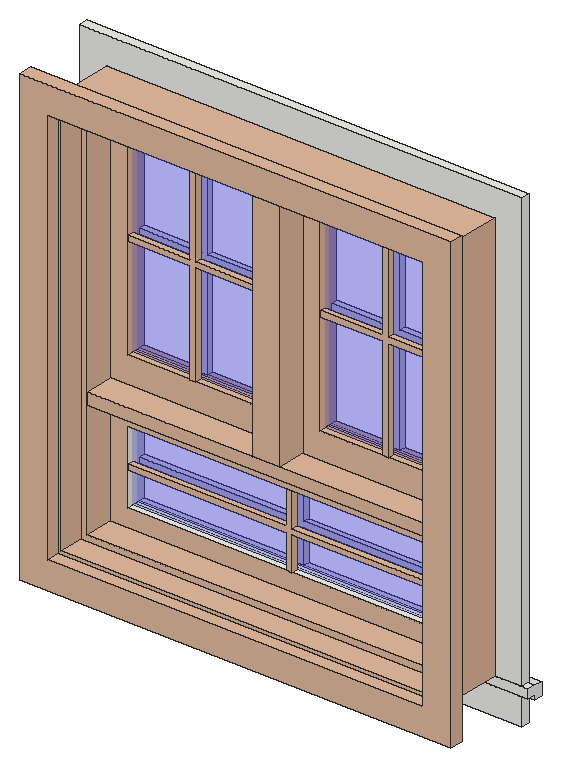
Revit family "M_Janela-batente-duplo-toldo", category Janelas, Revit 2019
Family settings
  Hospedeiro = Parede
  Número OmniClass = 23.30.20.17.21.14
  Título OmniClass = Casement Windows
  Sempre na vertical = Sim
  Corte com vazios quando carregada = Não
  Compartilhado = Não
  Ponto de cálculo do ambiente = Não
Parameters (values of type "850 x 900mm")
  Janela aplicada [instance] = 0 mm
  Espessura da parede [instance] = 150 mm
  Fechamento da parede interior [instance] = 54.75 mm
  Material da apara interior = Madeira – Manchada
  Meia largura = Largura / 2  # 425 mm
  Visual Light Transmittance = 0.81
  Resistência térmica (R) = 0.319569 (m²·K)/W
  Solar Heat Gain Coefficient = 0.76
  Largura bruta = Largura + 15 mm  # 865 mm
  Altura bruta = Altura + 15 mm  # 915 mm
  Altura da janela aberta = Altura - Altura do toldo  # 600 mm
  Visibilidade do montante superior = yes
  Padrão do montante = M_Padrão do montante_2x2 : M_Padrão do montante_2x2
  Visibilidade do recorte interior [instance] = yes
  Recorte interior = M_Moldura-janela-interior-plana : Quadro
  Altura = 900 mm
  Material da moldura interior = Madeira – Manchada
  Coeficiente de transferência de calor (U) = 3.12929 W/(m²·K)
  Extensão do quadro [instance] = if(Visibilidade da apara externa, Janela aplicada + 6.35 mm, 6.35 mm)  # 6.35 mm
  Classificação de incêndio = "0.5h"
  Fechamento da parede externa [instance] = 31.75 mm
  Material da apara externa = Revestimento – Branco
  Visibilidade do montante inferior = yes
  Altura do toldo = 300 mm
  Material do painel de vidro = Vidro
  Visibilidade da apara externa [instance] = yes
  Apara externa = M_Recorte-Janela-Exterior-Plana : com peitoril
  Material da moldura exterior = Revestimento – Branco
  Visibilidade do umbral da extensão [instance] = and(Visibilidade do recorte interior, Espessura da parede - Janela aplicada > 95.25 mm)  # yes
  Umbral da extensão [instance] = if(Espessura da parede - Janela aplicada > 95.25 mm, Espessura da parede - Janela aplicada - 95.25 mm, 25.4 mm)  # 54.75 mm
  Altura-padrão do peitoril = 900 mm
  Fechamento da parede = Por hospedeiro
  Largura = 850 mm
  Código de montagem = "B2020100"
  Construção analítica = "Vidraça dupla – residencial"
Reference planes
  plane 1 "Centro (Frente/Trás)": y = 0
  plane 2: z = 0
  plane 3 "Centro (Esquerda/Direita)": x = 0
  plane 4 "Esquerda": x = -425
  plane 5 "Direita": x = 425
  plane 6 "Peitoril": z = 900
  plane 7 "Superior": z = 1800
  plane 8 "Inset Face": y = 75
  plane 9 "Fechamento da parede": y = -20.25
  plane 10 "Face do caixilho": y = 87.7
  plane 11 "Exterior": y = 75
  plane 12: x = 412.3
  plane 13: x = -412.3
  plane 14: z = 1787.3
  plane 15: z = 912.7
  plane 16: x = 355.15
  plane 17: x = -355.15
  plane 18: z = 1730.15
  plane 19: z = 969.85
  plane 20: x = 9.525
  plane 21: x = -9.525
  plane 22: y = 55.95
  plane 23 "Vidro": y = 65.475
  plane 24: y = 94.05
  plane 25: y = 94.05
  plane 26 "Interior": y = -75
  plane 27 "Umbral": y = -20.25
  plane 28: x = -30.163
  plane 29: x = 30.162
  plane 30: z = 1212.7
  plane 31: z = 1187.3
  plane 32 "Meio": z = 1500
  plane 33: z = 1269.85
  plane 34: x = 66.675
  plane 35: x = -66.675
  plane 36: y = 43.25
  plane 37: y = -20.25
  plane 38: z = 1130.15
  plane 39: z = 1200
  plane 40: y = 94.05
Forms (mm)
  Sweep 1, solid, material "Madeira – Manchada" <- "Material da moldura interior"
    path origin (0, 87.7, 0) x (-1, 0, 0) y (0, 0, 1)
      loop
        line (-425, 900) -> (425, 900) -> (425, 1800) -> (-425, 1800) -> (-425, 900)
    profile origin (425, 87.7, 1350) x (1, 0, 0) y (0, 1, 0)
      loop
        line (0, 6.35) -> (-12.7, 6.35) -> (-12.7, -44.45) -> (-31.75, -44.45) -> (-31.75, -107.95) -> (0, -107.95) -> (0, 6.35)
  Extrusion 2, solid, material "Madeira – Manchada" <- "Material da moldura interior", visible <- "Visibilidade do umbral da extensão"
    sketch origin (0, 0, 0) x (1, 0, 0) y (0, 0, 1)
      loop
        line (425, 1800) -> (-425, 1800) -> (-425, 900) -> (425, 900) -> (425, 1800)
      loop
        line (405.95, 919.05) -> (405.95, 1780.95) -> (-405.95, 1780.95) -> (-405.95, 919.05) -> (405.95, 919.05)
    from 20.25 to 75
  Sweep 3, solid, material "Madeira – Manchada" <- "Material da moldura interior"
    path origin (0, 87.7, 0) x (-1, 0, 0) y (0, 0, 1)
      loop
        line (-412.3, 1787.3) -> (-412.3, 1212.7) -> (-9.525, 1212.7) -> (-9.525, 1787.3) -> (-412.3, 1787.3)
    profile origin (412.3, 87.7, 1500) x (0, 1, 0) y (-1, 0, 0)
      loop
        line (0, 0) -> (0, 57.15) -> (-44.45, 57.15) -> (-44.45, 0) -> (0, 0)
  Sweep 4, solid, material "Madeira – Manchada" <- "Material da moldura interior"
    path origin (0, 87.7, 0) x (-1, 0, 0) y (0, 0, 1)
      loop
        line (9.525, 1212.7) -> (412.3, 1212.7) -> (412.3, 1787.3) -> (9.525, 1787.3) -> (9.525, 1212.7)
    profile origin (-9.525, 87.7, 1500) x (1, 0, 0) y (0, 1, 0)
      loop
        line (0, 0) -> (-57.15, 0) -> (-57.15, -44.45) -> (0, -44.45) -> (0, 0)
  Extrusion 5, solid, material "Vidro"
    sketch origin (0, 0, 900) x (0, -1, 0) y (1, 0, 0)
      loop
        line (-75, 66.675) -> (-68.65, 66.675) -> (-68.65, 355.15) -> (-75, 355.15) -> (-75, 66.675)
      loop
        line (-55.95, 355.15) -> (-62.3, 355.15) -> (-62.3, 66.675) -> (-55.95, 66.675) -> (-55.95, 355.15)
    from 369.85 to 830.15
  Extrusion 6, solid, material "Vidro"
    sketch origin (-701.675, 0, 900) x (0, -1, 0) y (1, 0, 0)
      loop
        line (-75, 346.525) -> (-68.65, 346.525) -> (-68.65, 635) -> (-75, 635) -> (-75, 346.525)
      loop
        line (-55.95, 635) -> (-62.3, 635) -> (-62.3, 346.525) -> (-55.95, 346.525) -> (-55.95, 635)
    from 369.85 to 830.15
  Extrusion 7, solid, material "Madeira – Manchada" <- "Material da moldura interior"
    sketch origin (0, 0, 900) x (0, -1, 0) y (1, 0, 0)
      loop
        line (-94.05, -9.525) -> (-43.25, -9.525) -> (-43.25, -30.163) -> (20.25, -30.163) -> (20.25, 30.162) -> (-43.25, 30.162) -> (-43.25, 9.525) -> (-94.05, 9.525) -> (-94.05, -9.525)
    from 312.7 to 887.3
  Extrusion 8, solid, material "Madeira – Manchada" <- "Material da moldura interior"
    sketch origin (0, 0, 900) x (0, -1, 0) y (1, 0, 0)
      loop
        line (20.25, -393.25) -> (20.25, 393.25) -> (-43.25, 393.25) -> (-43.25, 412.3) -> (-94.05, 412.3) -> (-94.05, -412.3) -> (-43.25, -412.3) -> (-43.25, -393.25) -> (20.25, -393.25)
    from 287.3 to 312.7
  Sweep 9, solid, material "Revestimento – Branco" <- "Material da moldura exterior"
    path origin (0, 0, 0) x (1, 0, 0) y (0, 0, 1)
      loop
        line (412.3, 912.7) -> (412.3, 1187.3) -> (-412.3, 1187.3) -> (-412.3, 912.7) -> (412.3, 912.7)
    profile origin (412.3, 0, 1050) x (-1, 0, 0) y (0, -1, 0)
      loop
        line (57.15, -87.7) -> (57.15, -43.25) -> (0, -43.25) -> (0, -87.7) -> (57.15, -87.7)
  Extrusion 10, solid, material "Vidro" <- "Material do painel de vidro"
    sketch origin (0, 0, 900) x (0, -1, 0) y (1, 0, 0)
      loop
        line (-75, -355.15) -> (-68.65, -355.15) -> (-68.65, 355.15) -> (-75, 355.15) -> (-75, -355.15)
      loop
        line (-62.3, -355.15) -> (-55.95, -355.15) -> (-55.95, 355.15) -> (-62.3, 355.15) -> (-62.3, -355.15)
    from 69.85 to 230.15
  Extrusion 11, void
    sketch origin (0, 0, 0) x (1, 0, 0) y (0, 0, 1)
      loop
        line (30.162, 1768.25) -> (30.162, 1787.3) -> (-30.163, 1787.3) -> (-30.163, 1768.25) -> (30.162, 1768.25)
    from -43.25 to 20.25
Cuts and joins
  Extrusion 11 cuts Extrusion 2
  Extrusion 11 cuts Extrusion 7
Lines and regions (mm)
  Opening 1
    outline origin (-1524, -75, 0) x (1, 0, 0) y (0, 0, 1)
      loop
        line (1099, 1800) -> (1099, 900) -> (1949, 900) -> (1949, 1800) -> (1099, 1800)
  Split face 1
    outline origin (355.15, 87.7, 1269.85) x (-1, 0, 0) y (0, -1, 0)
      loop
        line (288.475, 12.7) -> (0, 12.7)
  Split face 2
    outline origin (355.15, 87.7, 1730.15) x (0, 0, -1) y (0, -1, 0)
      loop
        line (0, 12.7) -> (460.3, 12.7)
  Split face 3
    outline origin (66.675, 87.7, 1269.85) x (0, 0, 1) y (0, -1, 0)
      loop
        line (460.3, 12.7) -> (0, 12.7)
  Split face 4
    outline origin (66.675, 87.7, 1730.15) x (0, -1, 0) y (1, 0, 0)
      loop
        line (12.7, 0) -> (12.7, 288.475)
  Split face 5
    outline origin (-355.15, 43.25, 1269.85) x (1, 0, 0) y (0, 1, 0)
      loop
        line (0, 31.75) -> (288.475, 31.75)
  Split face 6
    outline origin (-66.675, 43.25, 1269.85) x (0, 0, 1) y (0, 1, 0)
      loop
        line (460.3, 31.75) -> (0, 31.75)
  Split face 7
    outline origin (-355.15, 43.25, 1730.15) x (0, 0, -1) y (0, 1, 0)
      loop
        line (460.3, 31.75) -> (0, 31.75)
  Split face 8
    outline origin (-66.675, 43.25, 1730.15) x (0, 1, 0) y (-1, 0, 0)
      loop
        line (31.75, 288.475) -> (31.75, 0)
  Split face 9
    outline origin (0, 0, 1212.7) x (0, -1, 0) y (1, 0, 0)
      loop
        line (-87.7, -412.3) -> (-87.7, 412.3)
  Split face 10
    outline origin (-355.15, 43.25, 969.85) x (1, 0, 0) y (0, 1, 0)
      loop
        line (710.3, 12.7) -> (0, 12.7)
  Split face 11
    outline origin (-355.15, 43.25, 1130.15) x (0, 0, -1) y (0, 1, 0)
      loop
        line (0, 31.75) -> (160.3, 31.75)
  Split face 12
    outline origin (355.15, 43.25, 969.85) x (0, 0, 1) y (0, 1, 0)
      loop
        line (160.3, 31.75) -> (0, 31.75)
  Split face 13
    outline origin (0, 0, 1187.3) x (0, -1, 0) y (1, 0, 0)
      loop
        line (-87.7, -412.3) -> (-87.7, 412.3)
  Split face 14
    outline origin (355.15, 43.25, 1130.15) x (0, 1, 0) y (-1, 0, 0)
      loop
        line (31.75, 710.3) -> (31.75, 0)
  Split face 15
    outline origin (-355.15, 43.25, 969.85) x (1, 0, 0) y (0, 1, 0)
      loop
        line (710.3, 31.75) -> (0, 31.75)
  symbolic lines, style "Giro da elevação"
    curve 1: line (9.525, 0, 1787.3) -> (412.3, 0, 1500)
    curve 2: line (412.3, 0, 1500) -> (9.525, 0, 1212.7)
    curve 3: line (-9.525, 0, 1787.3) -> (-412.3, 0, 1500)
    curve 4: line (-412.3, 0, 1500) -> (-9.525, 0, 1212.7)
    curve 5: line (412.3, 0, 912.7) -> (0, 0, 1187.3)
    curve 6: line (-412.3, 0, 912.7) -> (0, 0, 1187.3)
Text (mm)
  text "EXTERIOR" at (-1490.695, 1293.036, 0), in view "Nível de referência"
  text "INTERIOR" at (-1490.695, -959.266, 0), in view "Nível de referência"
  text "Exterior" at (0, 1108.87, 3129.179), in view "Esquerda"
  text "Exterior" at (0, 464.664, 3176.206), in view "Direita"
Dimensions and locks
  equal spacing: plane 4 "Esquerda", plane 3 "Centro (Esquerda/Direita)", plane 5 "Direita"
  "Largura": plane 4 "Esquerda" to plane 5 "Direita"
  "Altura": plane 6 "Peitoril" to plane 7 "Superior"
  "Altura-padrão do peitoril": plane 2 to plane 6 "Peitoril"
  locked: plane 10 "Face do caixilho" to plane 8 "Inset Face" at 12.7
  "Espessura da parede": host wall to host wall
  "Janela aplicada": plane 11 "Exterior" to plane 8 "Inset Face"
  locked: Sweep 1 sketch curve to plane 5 "Direita" at 31.75
  locked: Sweep 1 sketch curve to plane 5 "Direita" at 12.7
  locked: plane 10 "Face do caixilho" to Sweep 1 sketch curve at 44.45
  locked: plane 12 to plane 5 "Direita" at 12.7
  locked: plane 4 "Esquerda" to plane 13 at 12.7
  locked: plane 14 to plane 7 "Superior" at 12.7
  locked: plane 6 "Peitoril" to plane 15 at 12.7
  locked: plane 16 to plane 12 at 57.15
  locked: plane 13 to plane 17 at 57.15
  locked: plane 18 to plane 14 at 57.15
  locked: plane 15 to plane 19 at 57.15
  locked: Extrusion 2 sketch curve to plane 7 "Superior" at 19.05
  locked: Extrusion 2 sketch curve to plane 5 "Direita" at 19.05
  locked: Extrusion 2 sketch curve to plane 4 "Esquerda" at 19.05
  locked: plane 6 "Peitoril" to Extrusion 2 sketch curve at 19.05
  equal spacing: plane 21, plane 3 "Centro (Esquerda/Direita)", plane 20
  locked: plane 21 to plane 20 at 19.05
  plane 22 to Sweep 3 = 12.7 mm
  equal spacing: plane 8 "Inset Face", plane 23 "Vidro", plane 22
  locked: plane 8 "Inset Face" to plane 22 at 19.05
  plane 6 "Peitoril" to plane 7 "Superior" = 900 mm
  locked: plane 24 to plane 11 "Exterior" at 19.05
  locked: plane 25 to plane 10 "Face do caixilho" at 6.35
  "Umbral da extensão": plane 27 "Umbral" to plane 26 "Interior"
  locked: plane 8 "Inset Face" to plane 9 "Fechamento da parede" at 95.25
  equal spacing: plane 28, plane 3 "Centro (Esquerda/Direita)", plane 29
  locked: plane 28 to plane 29 at 60.325
  locked: plane 31 to plane 30 at 25.4
  locked: plane 30 to plane 33 at 57.15
  equal spacing: plane 33, plane 32 "Meio", plane 18
  locked: plane 29 to plane 34 at 36.512
  locked: plane 28 to plane 35 at 36.513
  "Fechamento da parede externa": plane 11 "Exterior" to plane 36
  "Fechamento da parede interior": plane 37 to plane 26 "Interior"
  locked: plane 38 to plane 31 at 57.15
  equal spacing: plane 31, plane 39, plane 30
  "Altura do toldo": plane 6 "Peitoril" to plane 39
  "Extensão do quadro": plane 40 to plane 10 "Face do caixilho"
  aligned and locked: plane 7 "Superior" to Opening 1 sketch curve
  aligned and locked: plane 6 "Peitoril" to Opening 1 sketch curve  (x2)
  aligned and locked: plane 5 "Direita" to Opening 1 sketch curve
  aligned and locked: plane 4 "Esquerda" to Opening 1 sketch curve
  aligned and locked: level to plane 2
  aligned and locked: host wall to plane 11 "Exterior"
  aligned and locked: plane 5 "Direita" to Sweep 1 sketch curve
  aligned and locked: plane 7 "Superior" to Sweep 1 sketch curve
  aligned and locked: Sweep 1 sketch curve to plane 4 "Esquerda"
  aligned and locked: Sweep 1 sketch curve to plane 6 "Peitoril"
  aligned and locked: Extrusion 2 sketch curve to host wall  (x3)
  aligned and locked: plane 7 "Superior" to Extrusion 2 sketch curve
  aligned and locked: host wall to Extrusion 2
  aligned and locked: Sweep 3 sketch curve to plane 12
  aligned and locked: plane 14 to Sweep 3 sketch curve
  aligned and locked: plane 16 to Sweep 3 sketch curve
  aligned and locked: plane 10 "Face do caixilho" to Sweep 3 sketch curve
  aligned and locked: plane 20 to Sweep 3 sketch curve
  aligned and locked: plane 21 to Sweep 4 sketch curve
  aligned and locked: Sweep 4 sketch curve to plane 13
  aligned and locked: Sweep 4 sketch curve to plane 14
  aligned and locked: Split face 1 sketch curve to plane 8 "Inset Face"
  aligned and locked: plane 8 "Inset Face" to Split face 2 sketch curve
  aligned and locked: plane 8 "Inset Face" to Split face 3 sketch curve
  aligned and locked: Split face 4 sketch curve to plane 8 "Inset Face"
  aligned and locked: Extrusion 5 sketch curve to plane 8 "Inset Face"
  aligned and locked: plane 16 to Extrusion 5 sketch curve
  aligned and locked: Sweep 3 to Extrusion 5 sketch curve
  aligned and locked: Extrusion 5 sketch curve to plane 22
  aligned and locked: Extrusion 5 sketch curve to plane 16
  aligned and locked: Extrusion 5 sketch curve to Sweep 3
  aligned and locked: plane 18 to Extrusion 5
  aligned and locked: Extrusion 6 sketch curve to plane 8 "Inset Face"
  aligned and locked: plane 22 to Extrusion 6 sketch curve
  aligned and locked: Sweep 4 to Extrusion 6 sketch curve  (x2)
  aligned and locked: Extrusion 6 sketch curve to plane 17  (x2)
  aligned and locked: plane 14 to curve 1
  aligned and locked: plane 14 to curve 3
  aligned and locked: plane 18 to Extrusion 6
  aligned and locked: Split face 5 sketch curve to Extrusion 6
  aligned and locked: plane 8 "Inset Face" to Split face 6 sketch curve
  aligned and locked: Split face 7 sketch curve to plane 8 "Inset Face"
  aligned and locked: Split face 8 sketch curve to plane 8 "Inset Face"
  aligned and locked: plane 26 "Interior" to host wall
  aligned and locked: plane 27 "Umbral" to Extrusion 2
  aligned and locked: plane 9 "Fechamento da parede" to Sweep 1
  aligned and locked: Extrusion 7 sketch curve to plane 25
  aligned and locked: plane 9 "Fechamento da parede" to Extrusion 7 sketch curve
  aligned and locked: nested 3 to plane 5 "Direita"
  aligned and locked: nested 3 to plane 11 "Exterior"
  aligned and locked: Sweep 3 sketch curve to plane 30
  aligned and locked: Extrusion 5 to Sweep 3
  aligned and locked: plane 30 to Sweep 4 sketch curve
  aligned and locked: Sweep 3 to Extrusion 6
  aligned and locked: plane 9 "Fechamento da parede" to Extrusion 8 sketch curve
  aligned and locked: Extrusion 8 sketch curve to plane 13
  aligned and locked: Extrusion 8 sketch curve to Sweep 3
  aligned and locked: Sweep 3 to Extrusion 8 sketch curve
  aligned and locked: Extrusion 8 sketch curve to Sweep 1
  aligned and locked: Extrusion 8 sketch curve to Sweep 4
  aligned and locked: plane 30 to Extrusion 8
  aligned and locked: Extrusion 8 to plane 31
  aligned and locked: Sweep 9 sketch curve to Sweep 3
  aligned and locked: Sweep 9 sketch curve to Sweep 1
  aligned and locked: Extrusion 8 sketch curve to plane 25
  aligned and locked: Sweep 9 sketch curve to plane 16
  aligned and locked: Extrusion 10 sketch curve to Sweep 4
  aligned and locked: Extrusion 10 sketch curve to Extrusion 6  (x3)
  aligned and locked: Extrusion 10 sketch curve to Extrusion 5  (x4)
  aligned and locked: Extrusion 10 to plane 19
  aligned and locked: Split face 9 sketch curve to plane 10 "Face do caixilho"
  aligned and locked: plane 12 to Split face 9 sketch curve
  aligned and locked: plane 13 to Split face 9 sketch curve
  aligned and locked: plane 22 to Split face 10 sketch curve
  aligned and locked: plane 8 "Inset Face" to Split face 11 sketch curve
  aligned and locked: plane 8 "Inset Face" to Split face 12 sketch curve
  aligned and locked: Split face 13 sketch curve to plane 10 "Face do caixilho"
  aligned and locked: Split face 14 sketch curve to plane 8 "Inset Face"
  aligned and locked: plane 16 to Split face 14 sketch curve
  aligned and locked: Sweep 3 to curve 2
  aligned and locked: Sweep 4 to curve 4
  aligned and locked: plane 15 to curve 5
  aligned and locked: plane 31 to curve 6
  aligned and locked: plane 15 to curve 6
  aligned and locked: Extrusion 7 to plane 30
  aligned and locked: plane 12 to Sweep 9 sketch curve  (x2)
  aligned and locked: plane 15 to Sweep 9 sketch curve
  aligned and locked: Sweep 9 sketch curve to plane 13
  aligned and locked: Sweep 9 sketch curve to plane 31
  aligned and locked: Extrusion 10 to Sweep 9
  aligned and locked: Extrusion 7 to Sweep 1
  aligned and locked: plane 8 "Inset Face" to Split face 15 sketch curve
  aligned and locked: Extrusion 11 sketch curve to Sweep 1
  aligned and locked: Extrusion 11 sketch curve to plane 29
  aligned and locked: Extrusion 11 sketch curve to Extrusion 7  (x2)
  aligned and locked: Sweep 1 to Extrusion 11
  aligned and locked: Extrusion 11 to plane 9 "Fechamento da parede"
  aligned and locked: nested 3 to plane 7 "Superior"
  aligned and locked: nested 4 to plane 4 "Esquerda"
  aligned and locked: plane 26 "Interior" to nested 4
  aligned and locked: nested 5 to plane 7 "Superior"
  aligned and locked: nested 5 to plane 4 "Esquerda"
  aligned and locked: nested 5 to plane 11 "Exterior"
  aligned and locked: plane 30 to nested 4
  aligned and locked: nested 2 to plane 18
  aligned and locked: plane 18 to nested 1
  aligned and locked: plane 7 "Superior" to nested 6
  aligned and locked: plane 7 "Superior" to nested 7
  aligned and locked: plane 3 "Centro (Esquerda/Direita)" to nested 7
  aligned and locked: nested 6 to plane 3 "Centro (Esquerda/Direita)"
  aligned and locked: nested 1 to plane 23 "Vidro"
  aligned and locked: plane 23 "Vidro" to nested 2
  aligned and locked: nested 1 to plane 35
  aligned and locked: nested 1 to plane 17
  aligned and locked: nested 2 to plane 34
  aligned and locked: nested 2 to plane 16
  aligned and locked: plane 33 to nested 1
  aligned and locked: nested 2 to plane 33
  aligned and locked: nested 8 to plane 17
  aligned and locked: nested 8 to plane 16
  aligned and locked: nested 8 to plane 38
  aligned and locked: nested 8 to plane 19
  aligned and locked: plane 23 "Vidro" to nested 8
  aligned and locked: plane 40 to Sweep 1 sketch curve
Automatic sketch dimensions
  Sweep 1 sketch curve to profile plane = 0 mm
  Sweep 1 sketch curve to Sweep 1 sketch curve = 63.5 mm
  Sweep 3 sketch curve to profile plane = 0 mm
  Sweep 3 sketch curve to plane 10 "Face do caixilho" = 44.45 mm
  Sweep 4 sketch curve to plane 10 "Face do caixilho" = 0 mm
  Sweep 4 sketch curve to profile plane = 0 mm
  profile plane to Sweep 4 sketch curve = 57.15 mm
  Sweep 4 sketch curve to plane 10 "Face do caixilho" = 44.45 mm
  Split face 1 sketch curve to Sweep 3 = 0 mm  (x2)
  Sweep 3 to Split face 2 sketch curve = 0 mm
  Split face 2 sketch curve to Sweep 3 = 0 mm
  Split face 3 sketch curve to Sweep 3 = 0 mm
  Sweep 3 to Split face 3 sketch curve = 0 mm
  Split face 4 sketch curve to Sweep 3 = 0 mm  (x2)
  plane 23 "Vidro" to Extrusion 5 sketch curve = 3.175 mm
  Extrusion 5 sketch curve to plane 23 "Vidro" = 3.175 mm
  plane 23 "Vidro" to Extrusion 6 sketch curve = 3.175 mm
  Extrusion 6 sketch curve to plane 23 "Vidro" = 3.175 mm
  plane 13 to curve 6 = 0 mm
  plane 21 to curve 3 = 0 mm
  plane 21 to curve 4 = 0 mm
  curve 5 to plane 3 "Centro (Esquerda/Direita)" = 0 mm
  plane 20 to curve 1 = 0 mm
  plane 12 to curve 5 = 0 mm
  curve 4 to plane 30 = 0 mm
  curve 2 to plane 30 = 0 mm
  curve 4 to plane 32 "Meio" = 0 mm
  curve 1 to plane 32 "Meio" = 0 mm
  Split face 5 sketch curve to Sweep 4 = 0 mm  (x2)
  Split face 6 sketch curve to Sweep 4 = 0 mm
  Sweep 4 to Split face 6 sketch curve = 0 mm
  Sweep 4 to Split face 7 sketch curve = 0 mm
  Split face 7 sketch curve to Sweep 4 = 0 mm
  Split face 8 sketch curve to Sweep 4 = 0 mm  (x2)
  Extrusion 7 sketch curve to plane 28 = 0 mm
  Extrusion 7 sketch curve to plane 21 = 0 mm
  Extrusion 7 sketch curve to plane 20 = 0 mm
  Extrusion 7 sketch curve to plane 29 = 0 mm
  Extrusion 7 sketch curve to plane 22 = 12.7 mm  (x2)
  Extrusion 8 sketch curve to Extrusion 8 sketch curve = 19.05 mm
  Split face 10 sketch curve to Sweep 9 = 0 mm  (x2)
  Sweep 9 to Split face 11 sketch curve = 0 mm
  Split face 11 sketch curve to Sweep 9 = 0 mm
  Sweep 9 to Split face 12 sketch curve = 0 mm
  Split face 13 sketch curve to Extrusion 8 = 0 mm  (x2)
  Split face 12 sketch curve to Sweep 9 = 0 mm
  Split face 14 sketch curve to Sweep 9 = 0 mm
  Split face 15 sketch curve to Sweep 9 = 0 mm  (x2)
  plane 12 to curve 1 = 0 mm
Nested families
  nested 1: "M_Padrão do montante_2x2" at (-210.913, 65.475, 1269.85), type <- "Padrão do montante", Material externo <- "Material da moldura exterior", Material interior <- "Material da moldura interior", visible <- "Visibilidade do montante superior", type "M_Padrão do montante_2x2"
    with Largura 288.475 mm, Material interior Madeira – Manchada, Altura 460.3 mm, Material externo Revestimento – Branco
  nested 2: "M_Padrão do montante_2x2" at (210.912, 65.475, 1269.85) x (-1, 0, 0) z (0, 0, 1), type <- "Padrão do montante", Material externo <- "Material da moldura exterior", Material interior <- "Material da moldura interior", visible <- "Visibilidade do montante superior", type "M_Padrão do montante_2x2"
    with Largura 288.475 mm, Material interior Madeira – Manchada, Altura 460.3 mm, Material externo Revestimento – Branco
  nested 3: "M_Plano-Batente" at (212.5, 75, 1200), Largura <- "Meia largura", Janela aplicada <- "Janela aplicada", Altura <- "Altura da janela aberta", Espessura da parede <- "Espessura da parede", type "M_Plano-Batente"
    with Janela aplicada de 3D 0 mm, Janela aplicada 0 mm, Largura 425 mm, Espessura da parede 150 mm, Linha superior yes, Linha à direita yes, RH yes, Linha à esquerda no, LH no, Altura 600 mm, Linha inferior no
  nested 4: "M_Plano-toldo" at (0, 75, 912.7), Largura <- "Largura", Altura <- "Altura do toldo", Espessura da parede <- "Espessura da parede", Janela aplicada <- "Janela aplicada", type "M_Plano-toldo"
    with Janela aplicada de 3D 0 mm, Janela aplicada 0 mm, Largura 850 mm, Espessura da parede 150 mm, Linha superior no, Linha à direita yes, Linha à esquerda yes, Altura 300 mm, Linha inferior yes
  nested 5: "M_Plano-Batente" at (-212.5, 75, 1200), Janela aplicada <- "Janela aplicada", Largura <- "Meia largura", Altura <- "Altura da janela aberta", Espessura da parede <- "Espessura da parede", type "M_Plano-Batente"
    with Janela aplicada de 3D 0 mm, Janela aplicada 0 mm, Largura 425 mm, Espessura da parede 150 mm, Linha superior yes, Linha à direita no, RH no, Linha à esquerda yes, LH yes, Altura 600 mm, Linha inferior no
  nested 6: "M_Recorte-Janela-Exterior-Plana" at (0, 75, 1800) x (-1, 0, 0) z (0, 1, 0), visible <- "Visibilidade da apara externa", Material da apara <- "Material da apara externa", Largura da abertura <- "Largura", Altura da abertura <- "Altura", type <- "Apara externa", type "com peitoril"
    with Material da apara Revestimento – Branco, Largura da abertura 850 mm, Altura da abertura 900 mm
  nested 7: "M_Moldura-janela-interior-plana" at (0, -75, 1800) x (1, 0, 0) z (0, -1, 0), visible <- "Visibilidade do recorte interior", Material da apara <- "Material da apara interior", Largura da abertura <- "Largura", Altura da abertura <- "Altura", type <- "Recorte interior", type "Quadro"
    with Material da apara Madeira – Manchada, Largura da abertura 850 mm, Altura da abertura 900 mm
  nested 8: "M_Padrão do montante_2x2" at (0, 65.475, 969.85) x (-1, 0, 0) z (0, 0, 1), type <- "Padrão do montante", Material externo <- "Material da moldura exterior", Material interior <- "Material da moldura interior", visible <- "Visibilidade do montante inferior", type "M_Padrão do montante_2x2"
    with Largura 710.3 mm, Material interior Madeira – Manchada, Altura 160.3 mm, Material externo Revestimento – Branco
Definition of nested family "M_Padrão do montante_2x2"
  Parameters (values of type "M_Padrão do montante_2x2")
    Largura [instance] = 1200 mm
    Espessura = 12.7 mm
    Altura [instance] = 1200 mm
    Material interior [instance] = none
    Material externo [instance] = none
    Distância = 19.05 mm
  Reference planes
    plane 1 "Centro (Frente/Trás)": y = 0
    plane 2: z = 0
    plane 3 "Centro (Esquerda/Direita)": x = 0
    plane 4: z = 1200
    plane 5: x = -600
    plane 6: x = 600
    plane 7: z = 600
    plane 8: y = 9.525
    plane 9: y = 22.225
    plane 10: y = -9.525
    plane 11: y = -22.225
  Forms (mm)
    Extrusion 1, solid, material <- "Material interior", detail levels fine
      sketch origin (0, 0, 0) x (1, 0, 0) y (0, 0, 1)
        loop
          line (-600, 606.35) -> (-600, 593.65) -> (-6.35, 593.65) -> (-6.35, 0) -> (6.35, 0) -> (6.35, 593.65) -> (600, 593.65) -> (600, 606.35) -> (6.35, 606.35) -> (6.35, 1200) -> (-6.35, 1200) -> (-6.35, 606.35) -> (-600, 606.35)
      from 9.525 to 22.225
    Extrusion 2, solid, material <- "Material externo", detail levels fine
      sketch origin (0, 0, 0) x (1, 0, 0) y (0, 0, -1)
        loop
          line (-600, -606.35) -> (-6.35, -606.35) -> (-6.35, -1200) -> (6.35, -1200) -> (6.35, -606.35) -> (600, -606.35) -> (600, -593.65) -> (6.35, -593.65) -> (6.35, 0) -> (-6.35, 0) -> (-6.35, -593.65) -> (-600, -593.65) -> (-600, -606.35)
      from 9.525 to 22.225
  Lines and regions (mm)
    model lines, detail levels medium
      curve 1: line (0, 9.525, 1200) -> (0, 9.525, 0)
      curve 2: line (-600, -9.525, 600) -> (600, -9.525, 600)
      curve 3: line (-600, 9.525, 600) -> (600, 9.525, 600)
      curve 4: line (0, -9.525, 1200) -> (0, -9.525, 0)
  Dimensions and locks
    equal spacing: plane 6, plane 3 "Centro (Esquerda/Direita)", plane 5
    "Largura": plane 6 to plane 5
    "Altura": plane 4 to plane 2
    equal spacing: plane 4, plane 7, plane 2
    locked: plane 3 "Centro (Esquerda/Direita)" to Extrusion 1 sketch curve at 6.35  (x4)
    locked: Extrusion 1 sketch curve to plane 7 at 6.35  (x2)
    locked: plane 7 to Extrusion 1 sketch curve at 6.35  (x2)
    "Espessura": plane 9 to plane 8
    "Espessura": plane 10 to plane 11
    "Distância": plane 8 to plane 10
    equal spacing: plane 8, plane 1 "Centro (Frente/Trás)", plane 10
    aligned and locked: plane 2 to level
    aligned and locked: plane 4 to curve 1
    aligned and locked: plane 5 to curve 2
    aligned and locked: plane 2 to curve 1
    aligned and locked: plane 6 to curve 2
    aligned and locked: Extrusion 1 sketch curve to plane 4
    aligned and locked: Extrusion 1 sketch curve to plane 6
    aligned and locked: Extrusion 1 sketch curve to plane 5
    aligned and locked: Extrusion 1 sketch curve to level
    aligned and locked: Extrusion 1 to plane 11
    aligned and locked: plane 10 to Extrusion 1
    aligned and locked: Extrusion 2 to plane 5
    aligned and locked: plane 6 to Extrusion 2
    aligned and locked: Extrusion 2 to plane 8
    aligned and locked: plane 9 to Extrusion 2
    aligned and locked: Extrusion 2 to plane 2
    aligned and locked: plane 4 to Extrusion 2
    aligned and locked: plane 5 to curve 3
    aligned and locked: plane 6 to curve 3
    aligned and locked: plane 4 to curve 4
    aligned and locked: plane 2 to curve 4
    aligned and locked: plane 8 to curve 3
  Automatic sketch dimensions
    curve 2 to plane 7 = 0 mm
    Extrusion 2 sketch curve to plane 5 = 0 mm
    Extrusion 2 sketch curve to level = 0 mm
    Extrusion 2 sketch curve to plane 4 = 0 mm
    Extrusion 2 sketch curve to plane 6 = 0 mm
    Extrusion 2 sketch curve to plane 3 "Centro (Esquerda/Direita)" = 6.35 mm  (x2)
    plane 3 "Centro (Esquerda/Direita)" to Extrusion 2 sketch curve = 6.35 mm  (x2)
    plane 7 to Extrusion 2 sketch curve = 6.35 mm  (x2)
    Extrusion 2 sketch curve to plane 7 = 6.35 mm  (x2)
    curve 4 to plane 3 "Centro (Esquerda/Direita)" = 0 mm
    curve 4 to level = 0 mm
    curve 4 to plane 4 = 0 mm
    curve 3 to plane 6 = 0 mm
    curve 1 to plane 3 "Centro (Esquerda/Direita)" = 0 mm
    curve 3 to plane 5 = 0 mm
    curve 3 to plane 7 = 0 mm
Definition of nested family "M_Recorte-Janela-Exterior-Plana"
  Parameters (values of type "com peitoril")
    Largura da apara = 60 mm
    Espessura da apara_Quadro = 30 mm
    Espessura da apara_com peitoril = 19.05 mm
    Material da apara [instance] = none
    Espessura do peitoril = 30 mm
    Peitoril = yes
    Quadro = no
    Largura da abertura [instance] = 600 mm
    Altura da abertura [instance] = 900 mm
    Default Elevation = 1200 mm
  Types (2, lengths in mm): name | Peitoril | Quadro
    com peitoril | yes | no
    Quadro | no | yes
  Reference planes
    plane 1 "Centro (Frente/Trás)": y = 0
    plane 2: z = 0
    plane 3 "Centro (Esquerda/Direita)": x = 0
    plane 4: y = 60
    plane 5 "Esquerda": x = -300
    plane 6 "Direita": x = 300
    plane 7 "Inferior": y = -900
    plane 8: y = -930
    plane 9: y = -980.432
    plane 10: x = 360
    plane 11: x = -360
    plane 12: z = 19.05
    plane 13: z = 30
    plane 14: x = 372.7
    plane 15: x = -372.7
    plane 16: y = -920.432
    plane 17: y = -960
    plane 18: z = 12.7
    plane 19: y = -450
    plane 20: z = 38.1
  Forms (mm)
    Extrusion 1, solid
      sketch origin (0, 0, 0) x (1, 0, 0) y (0, 1, 0)
        loop
          line (-361.95, 57.15) -> (-361.95, -993.732) -> (361.95, -993.732) -> (361.95, 57.15) -> (-361.95, 57.15)
      from 0 to -304.8
    Extrusion 2, solid, material <- "Material da apara", visible <- "Peitoril"
      sketch origin (0, 0, 0) x (1, 0, 0) y (0, 1, 0)
        loop
          line (-360, -900) -> (-300, -900) -> (-300, 0) -> (300, 0) -> (300, -900) -> (360, -900) -> (360, 60) -> (-360, 60) -> (-360, -900)
      from 0 to 19.05
    Extrusion 3, solid, material <- "Material da apara", visible <- "Peitoril"
      sketch origin (0, 0, 0) x (0, 1, 0) y (0, 0, 1)
        loop
          line (-902.458, 38.1) -> (-930, 38.1) -> (-930, 19.05) -> (-920.432, 19.05) -> (-920.432, 0) -> (-900, 0) -> (-900, 19.05) -> (-902.458, 38.1)
      from -372.7 to 372.7
    Extrusion 4, solid, material <- "Material da apara", visible <- "Peitoril"
      sketch origin (0, 0, 0) x (1, 0, 0) y (0, 1, 0)
        loop
          line (-360, -920.432) -> (-360, -980.432) -> (360, -980.432) -> (360, -920.432) -> (-360, -920.432)
      from 0 to 19.05
    Extrusion 5, solid, material <- "Material da apara", visible <- "Quadro"
      sketch origin (0, 0, 0) x (1, 0, 0) y (0, 1, 0)
        loop
          line (-300, 0) -> (-300, -900) -> (300, -900) -> (300, 0) -> (-300, 0)
        loop
          line (-360, 60) -> (-360, -960) -> (360, -960) -> (360, 60) -> (-360, 60)
      from 0 to 30
  Dimensions and locks
    equal spacing: plane 5 "Esquerda", plane 3 "Centro (Esquerda/Direita)", plane 6 "Direita"
    "Largura da abertura": plane 5 "Esquerda" to plane 6 "Direita"
    "Altura da abertura": plane 7 "Inferior" to plane 1 "Centro (Frente/Trás)"
    "Espessura do peitoril": plane 7 "Inferior" to plane 8
    "Largura da apara": plane 11 to plane 5 "Esquerda"
    "Largura da apara": plane 6 "Direita" to plane 10
    "Largura da apara": plane 1 "Centro (Frente/Trás)" to plane 4
    locked: plane 15 to plane 11 at 12.7
    locked: plane 10 to plane 14 at 12.7
    locked: plane 16 to plane 8 at 9.568
    "Largura da apara": plane 9 to plane 16
    "Largura da apara": plane 17 to plane 7 "Inferior"
    locked: plane 18 to plane 2 at 12.7
    equal spacing: plane 7 "Inferior", plane 19, plane 1 "Centro (Frente/Trás)"
    locked: plane 20 to plane 12 at 19.05
    "Espessura da apara_com peitoril": plane 12 to plane 2
    "Espessura da apara_Quadro": plane 13 to plane 2
    aligned and locked: plane 2 to Extrusion 1
    aligned and locked: level to Extrusion 1
    aligned and locked: Extrusion 2 sketch curve to plane 5 "Esquerda"
    aligned and locked: Extrusion 2 sketch curve to plane 11
    aligned and locked: plane 7 "Inferior" to Extrusion 2 sketch curve  (x2)
    aligned and locked: plane 1 "Centro (Frente/Trás)" to Extrusion 2 sketch curve
    aligned and locked: plane 10 to Extrusion 2 sketch curve
    aligned and locked: Extrusion 2 sketch curve to plane 6 "Direita"
    aligned and locked: plane 12 to Extrusion 2
    aligned and locked: Extrusion 3 sketch curve to level
    aligned and locked: plane 7 "Inferior" to Extrusion 3 sketch curve
    aligned and locked: Extrusion 3 sketch curve to plane 8
    aligned and locked: plane 15 to Extrusion 3
    aligned and locked: Extrusion 3 to plane 14
    aligned and locked: plane 10 to Extrusion 4 sketch curve
    aligned and locked: Extrusion 4 sketch curve to plane 11
    aligned and locked: plane 16 to Extrusion 4 sketch curve
    aligned and locked: plane 9 to Extrusion 4 sketch curve
    aligned and locked: Extrusion 4 to Extrusion 2
    aligned and locked: Extrusion 2 sketch curve to plane 4
    aligned and locked: plane 1 "Centro (Frente/Trás)" to Extrusion 5 sketch curve
    aligned and locked: Extrusion 5 sketch curve to plane 4
    aligned and locked: Extrusion 5 sketch curve to plane 17
    aligned and locked: plane 7 "Inferior" to Extrusion 5 sketch curve
    aligned and locked: Extrusion 5 sketch curve to plane 6 "Direita"
    aligned and locked: plane 10 to Extrusion 5 sketch curve
    aligned and locked: Extrusion 5 sketch curve to plane 5 "Esquerda"
    aligned and locked: Extrusion 5 sketch curve to plane 11
    aligned and locked: plane 13 to Extrusion 5
    aligned and locked: plane 20 to Extrusion 3
  Automatic sketch dimensions
    Extrusion 1 sketch curve to Extrusion 1 sketch curve = 723.9 mm
    Extrusion 1 sketch curve to Extrusion 1 sketch curve = 1050.882 mm
    Extrusion 3 sketch curve to plane 16 = 0 mm
    Extrusion 3 sketch curve to plane 12 = 0 mm  (x2)
    Extrusion 3 sketch curve to plane 7 "Inferior" = 2.458 mm
    plane 13 to Extrusion 3 sketch curve = 8.1 mm
Definition of nested family "M_Moldura-janela-interior-plana"
  Parameters (values of type "com peitoril")
    Espessura da apara_Quadro = 30 mm
    Largura da apara = 60 mm
    Espessura da apara_com peitoril = 20 mm
    Material da apara [instance] = none
    Espessura do peitoril = 30 mm
    Peitoril = yes
    Quadro = no
    Largura da abertura [instance] = 600 mm
    Altura da abertura [instance] = 900 mm
    Default Elevation = 1200 mm
  Types (2, lengths in mm): name | Peitoril | Quadro
    com peitoril | yes | no
    Quadro | no | yes
  Reference planes
    plane 1 "Centro (Frente/Trás)": y = 0
    plane 2: z = 0
    plane 3 "Centro (Esquerda/Direita)": x = 0
    plane 4: y = 47.3
    plane 5 "Esquerda": x = -300
    plane 6 "Direita": x = 300
    plane 7 "Inferior": y = -900
    plane 8: y = -930
    plane 9: y = -980.432
    plane 10: x = 347.3
    plane 11: x = -347.3
    plane 12: z = 20
    plane 13: z = 30
    plane 14: x = 360
    plane 15: x = -360
    plane 16: y = -920.432
    plane 17: y = -947.3
    plane 18: z = 12.7
    plane 19: x = -287.3
    plane 20: y = -12.7
    plane 21: x = 287.3
    plane 22: y = -887.3
    plane 23: x = -334.6
    plane 24: x = 334.6
    plane 25: y = -450
  Forms (mm)
    Extrusion 1, solid
      sketch origin (0, 0, 0) x (1, 0, 0) y (0, 1, 0)
        loop
          line (-349.25, 44.45) -> (-349.25, -958.85) -> (349.25, -958.85) -> (349.25, 44.45) -> (-349.25, 44.45)
      from 0 to -304.8
    Extrusion 2, solid, material <- "Material da apara", visible <- "Peitoril"
      sketch origin (0, 0, 0) x (1, 0, 0) y (0, 1, 0)
        loop
          line (-334.6, -900) -> (-287.3, -900) -> (-287.3, 0) -> (287.3, 0) -> (287.3, -900) -> (334.6, -900) -> (334.6, 47.3) -> (-334.6, 47.3) -> (-334.6, -900)
      from 0 to 20
    Extrusion 3, solid, material <- "Material da apara", visible <- "Peitoril"
      sketch origin (0, 0, 0) x (0, 1, 0) y (0, 0, 1)
        loop
          line (-912.7, 39.05) -> (-920.432, 39.05) -> (-920.432, 0) -> (-900, 0) -> (-900, 26.35)
          arc (-900, 26.35) -> (-903.72, 35.33) -> (-912.7, 39.05) r 12.7
      from -347.3 to 347.3
    Extrusion 4, solid, material <- "Material da apara", visible <- "Peitoril"
      sketch origin (0, 0, 0) x (1, 0, 0) y (0, 1, 0)
        loop
          line (-334.6, -920.432) -> (-334.6, -980.432) -> (334.6, -980.432) -> (334.6, -920.432) -> (-334.6, -920.432)
      from 0 to 20
    Extrusion 5, solid, material <- "Material da apara", visible <- "Quadro"
      sketch origin (0, 0, 0) x (1, 0, 0) y (0, 1, 0)
        loop
          line (-287.3, -12.7) -> (-287.3, -887.3) -> (287.3, -887.3) -> (287.3, -12.7) -> (-287.3, -12.7)
        loop
          line (-347.3, 47.3) -> (-347.3, -947.3) -> (347.3, -947.3) -> (347.3, 47.3) -> (-347.3, 47.3)
      from 0 to 30
  Dimensions and locks
    equal spacing: plane 5 "Esquerda", plane 3 "Centro (Esquerda/Direita)", plane 6 "Direita"
    "Largura da abertura": plane 5 "Esquerda" to plane 6 "Direita"
    "Altura da abertura": plane 7 "Inferior" to plane 1 "Centro (Frente/Trás)"
    "Espessura do peitoril": plane 7 "Inferior" to plane 8
    "Largura da apara": plane 11 to plane 19
    "Largura da apara": plane 21 to plane 10
    "Largura da apara": plane 20 to plane 4
    "Espessura da apara_com peitoril": plane 12 to plane 2
    locked: plane 15 to plane 11 at 12.7
    locked: plane 10 to plane 14 at 12.7
    locked: plane 16 to plane 8 at 9.568
    "Largura da apara": plane 9 to plane 16
    "Largura da apara": plane 17 to plane 22
    plane 20 to plane 1 "Centro (Frente/Trás)" = 12.7 mm
    plane 5 "Esquerda" to plane 19 = 12.7 mm
    plane 21 to plane 6 "Direita" = 12.7 mm
    plane 22 to plane 7 "Inferior" = 12.7 mm
    locked: plane 11 to plane 23 at 12.7
    locked: plane 24 to plane 10 at 12.7
    equal spacing: plane 7 "Inferior", plane 25, plane 1 "Centro (Frente/Trás)"
    "Espessura da apara_Quadro": plane 13 to plane 2
    locked: Extrusion 3 to plane 12 at 19.05
    locked: plane 12 to Extrusion 3 sketch curve at 19.05
    radius of Extrusion 3 sketch curve = 12.7 mm
    aligned and locked: plane 2 to Extrusion 1
    aligned and locked: level to Extrusion 1
    aligned and locked: plane 7 "Inferior" to Extrusion 2 sketch curve  (x2)
    aligned and locked: plane 1 "Centro (Frente/Trás)" to Extrusion 2 sketch curve
    aligned and locked: plane 12 to Extrusion 2
    aligned and locked: Extrusion 3 sketch curve to level
    aligned and locked: plane 7 "Inferior" to Extrusion 3 sketch curve
    aligned and locked: plane 16 to Extrusion 4 sketch curve
    aligned and locked: plane 9 to Extrusion 4 sketch curve
    aligned and locked: Extrusion 2 sketch curve to plane 4
    aligned and locked: Extrusion 5 sketch curve to plane 4
    aligned and locked: Extrusion 5 sketch curve to plane 17
    aligned and locked: plane 10 to Extrusion 5 sketch curve
    aligned and locked: Extrusion 5 sketch curve to plane 11
    aligned and locked: plane 13 to Extrusion 5
    aligned and locked: Extrusion 5 sketch curve to plane 20
    aligned and locked: Extrusion 5 sketch curve to plane 19
    aligned and locked: Extrusion 5 sketch curve to plane 21
    aligned and locked: plane 22 to Extrusion 5 sketch curve
    aligned and locked: Extrusion 4 to plane 24
    aligned and locked: plane 11 to Extrusion 3
    aligned and locked: Extrusion 3 to plane 10
    aligned and locked: Extrusion 2 sketch curve to plane 21
    aligned and locked: Extrusion 2 sketch curve to plane 24
    aligned and locked: Extrusion 2 sketch curve to plane 19
    aligned and locked: Extrusion 2 sketch curve to plane 23
    aligned and locked: plane 12 to Extrusion 4
  Automatic sketch dimensions
    Extrusion 1 sketch curve to Extrusion 1 sketch curve = 698.5 mm
    Extrusion 1 sketch curve to Extrusion 1 sketch curve = 1003.3 mm
    Extrusion 3 sketch curve to plane 16 = 0 mm
    Extrusion 4 sketch curve to plane 11 = 12.7 mm
    Extrusion 4 sketch curve to plane 24 = 0 mm
Definition of nested family "M_Plano-Batente"
  Parameters (values of type "M_Plano-Batente")
    Janela aplicada [instance] = 25 mm
    Janela aplicada de 3D [instance] = if(Janela aplicada - 12.7 mm < 0 mm, 0 mm, if(Janela aplicada - 12.7 mm < Espessura da parede - 88.9 mm, Janela aplicada - 12.7 mm, Espessura da parede - 88.9 mm))  # 12.3 mm
    Width [instance] = 1200 mm
    Espessura da parede [instance] = 150 mm
    Linha superior [instance] = yes
    Linha à direita [instance] = yes
    RH [instance] = yes
    Linha à esquerda [instance] = yes
    LH [instance] = yes
    Height [instance] = 900 mm
    Default Elevation = 1200 mm
    Linha inferior [instance] = yes
    Analytic Construction = "<Nenhum>"
  Reference planes
    plane 1 "Centro (Frente/Trás)": y = 0
    plane 2: z = 0
    plane 3 "Centro (Esquerda/Direita)": x = 0
    plane 4: x = -600
    plane 5: x = 600
    plane 6 "Umbral": y = -101.2
    plane 7: x = -587.3
    plane 8: x = -568.25
    plane 9: y = -12.3
    plane 10: y = -56.75
    plane 11: y = -34.525
    plane 12: x = -530.15
    plane 13: x = 587.3
    plane 14: x = 568.25
    plane 15: x = 530.15
    plane 16 "Janela aplicada": y = -25
    plane 17 "Parede": y = -150
    plane 18: z = 900
    plane 19: z = 887.3
    plane 20: z = 12.7
    plane 21: z = 868.25
    plane 22: z = 31.75
    plane 23: z = 830.15
    plane 24: z = 69.85
  Lines and regions (mm)
    Masking region 1
      outline origin (0, 19.05, 0) x (1, 0, 0) y (0, 1, 0)
        loop
          line (-600, -19.05) -> (-600, -169.05) -> (600, -169.05) -> (600, -19.05) -> (-600, -19.05)
    Masking region 2
      outline origin (0, 0, 0) x (0, 1, 0) y (0, 0, 1)
        loop
          line (0, 900) -> (-150, 900) -> (-150, 0) -> (0, 0) -> (0, 900)
    symbolic lines
      curve 1: line (-587.3, -56.75, 0) -> (-568.25, -56.75, 0)
      curve 2: line (-568.25, -56.75, 0) -> (-568.25, -101.2, 0)
      curve 3: line (-587.3, -12.3, 0) -> (-587.3, -56.75, 0)
      curve 4: line (-530.15, -12.3, 0) -> (-530.15, -56.75, 0)
      curve 5: line (-530.15, -56.75, 0) -> (-568.25, -56.75, 0)
      curve 6: line (-530.15, -34.525, 0) -> (530.15, -34.525, 0)
      curve 7: line (587.3, -56.75, 0) -> (568.25, -56.75, 0)
      curve 8: line (568.25, -56.75, 0) -> (568.25, -101.2, 0)
      curve 9: line (587.3, -12.3, 0) -> (587.3, -56.75, 0)
      curve 10: line (530.15, -12.3, 0) -> (530.15, -56.75, 0)
      curve 11: line (530.15, -56.75, 0) -> (568.25, -56.75, 0)
      curve 14: line (-600, -101.2, 0) -> (-568.25, -101.2, 0)
      curve 15: line (568.25, -101.2, 0) -> (600, -101.2, 0)
      curve 16: line (568.25, -101.2, 0) -> (-568.25, -101.2, 0)
      curve 17: line (0, -12.3, 887.3) -> (0, -56.75, 887.3)
      curve 18: line (0, -56.75, 868.25) -> (0, -101.2, 868.25)
      curve 19: line (0, -12.3, 12.7) -> (0, -56.75, 12.7)
      curve 20: line (0, -56.75, 12.7) -> (0, -56.75, 69.85)
      curve 21: line (0, -56.75, 31.75) -> (0, -101.2, 31.75)
      curve 22: line (0, -12.3, 900) -> (0, -12.3, 830.15)
      curve 23: line (0, -12.3, 830.15) -> (0, -56.75, 830.15)
      curve 24: line (0, -56.75, 69.85) -> (0, -12.3, 69.85)
      curve 25: line (0, -34.525, 69.85) -> (0, -34.525, 830.15)
      curve 28: line (0, -56.75, 887.3) -> (0, -56.75, 830.15)
      curve 29: line (530.15, -12.3, 0) -> (600, -12.3, 0)
      curve 30: line (-530.15, -12.3, 0) -> (-600, -12.3, 0)
      curve 31: line (0, -12.3, 69.85) -> (0, -12.3, 0)
      curve 32: line (-530.15, -12.3, 0) -> (530.15, -12.3, 0)
      curve 33: line (0, -12.3, 830.15) -> (0, -12.3, 69.85)
      curve 38: line (0, -101.2, 31.75) -> (0, -101.2, 868.25)
      curve 39: line (0, -101.2, 31.75) -> (0, -101.2, 0)
      curve 40: line (0, -101.2, 900) -> (0, -101.2, 868.25)
    symbolic lines, visible <- "RH"
      curve 12: arc (-587.3, -12.3, 0) -> (-497.889, 437.2, 0) -> (-243.268, 818.268, 0) r 1174.6
      curve 26: line (587.3, -12.3, 0) -> (-243.268, 818.268, 0)
    symbolic lines, visible <- "LH"
      curve 13: line (-587.3, -12.3, 0) -> (243.268, 818.268, 0)
      curve 27: arc (587.3, -12.3, 0) -> (497.889, 437.2, 0) -> (243.268, 818.268, 0) r 1174.6
    symbolic lines, visible <- "Linha à direita"
      curve 34: line (600, 0, 0) -> (600, -150, 0)
    symbolic lines, visible <- "Linha à esquerda"
      curve 35: line (-600, 0, 0) -> (-600, -150, 0)
    symbolic lines, visible <- "Linha superior"
      curve 36: line (0, 0, 900) -> (0, -150, 900)
    symbolic lines, visible <- "Linha inferior"
      curve 37: line (0, 0, 0) -> (0, -150, 0)
  Dimensions and locks
    "Width": plane 4 to plane 5
    equal spacing: plane 4, plane 3 "Centro (Esquerda/Direita)", plane 5
    plane 4 to plane 7 to plane 8 = 12.7 mm locked, 19.05 mm locked
    equal spacing: plane 9, plane 11, plane 10
    locked: plane 7 to plane 12 at 57.15
    plane 5 to plane 13 to plane 14 = 12.7 mm locked, 19.05 mm locked
    locked: plane 13 to plane 15 at 57.15
    locked: plane 9 to plane 16 "Janela aplicada" at 12.7
    locked: plane 9 to plane 10 at 44.45
    "Espessura da parede": plane 17 "Parede" to plane 1 "Centro (Frente/Trás)"
    "Height": plane 18 to plane 2
    locked: plane 18 to plane 19 at 12.7
    locked: plane 20 to plane 2 at 12.7
    locked: plane 19 to plane 21 at 19.05
    locked: plane 22 to plane 20 at 19.05
    locked: plane 19 to plane 23 at 57.15
    locked: plane 24 to plane 20 at 57.15
    locked: plane 10 to plane 6 "Umbral" at 44.45
    "Janela aplicada de 3D": plane 9 to plane 1 "Centro (Frente/Trás)"
    locked: plane 9 to curve 13 (angle 45.00°)
    angle curve 26 to plane 16 "Janela aplicada" = 45.00°
    aligned and locked: plane 2 to level
    aligned and locked: curve 2 to plane 8
    aligned and locked: curve 1 to plane 10
    aligned and locked: plane 14 to curve 8
    aligned and locked: curve 14 to plane 6 "Umbral"
    aligned and locked: curve 15 to plane 6 "Umbral"
    aligned and locked: plane 21 to curve 18
    aligned and locked: plane 19 to curve 17
    aligned and locked: plane 22 to curve 21
    aligned and locked: plane 10 to curve 20
    aligned and locked: plane 20 to curve 19
    aligned and locked: curve 22 to plane 9
    aligned and locked: plane 23 to curve 23
    aligned and locked: curve 24 to plane 24
    aligned and locked: plane 11 to curve 25
    aligned and locked: plane 13 to curve 27
    aligned and locked: plane 9 to curve 13
    aligned and locked: plane 9 to curve 26
    aligned and locked: plane 5 to curve 29
    aligned and locked: plane 18 to curve 22
    aligned and locked: plane 9 to curve 17
    aligned and locked: plane 9 to curve 19
    aligned and locked: plane 9 to curve 3
    aligned and locked: plane 9 to curve 9
    aligned and locked: curve 28 to plane 10
    aligned and locked: plane 19 to curve 28
    aligned and locked: plane 23 to curve 28
    aligned and locked: plane 4 to curve 30
    aligned and locked: plane 9 to curve 31
    aligned and locked: plane 2 to curve 31
    aligned and locked: curve 32 to plane 9
    aligned and locked: plane 12 to curve 32
    aligned and locked: plane 15 to curve 32
    aligned and locked: plane 24 to curve 33
    aligned and locked: plane 1 "Centro (Frente/Trás)" to curve 34
    aligned and locked: plane 17 "Parede" to curve 34
    aligned and locked: curve 34 to plane 5
    aligned and locked: plane 17 "Parede" to curve 35
    aligned and locked: plane 1 "Centro (Frente/Trás)" to curve 35
    aligned and locked: curve 35 to plane 4
    aligned and locked: plane 17 "Parede" to curve 37
    aligned and locked: plane 1 "Centro (Frente/Trás)" to curve 37
    aligned and locked: curve 37 to plane 2
    aligned and locked: plane 17 "Parede" to curve 36
    aligned and locked: plane 1 "Centro (Frente/Trás)" to curve 36
    aligned and locked: curve 36 to plane 18
    aligned and locked: plane 1 "Centro (Frente/Trás)" to Masking region 1 sketch curve
    aligned and locked: plane 17 "Parede" to Masking region 1 sketch curve
    aligned and locked: plane 4 to Masking region 1 sketch curve
    aligned and locked: Masking region 1 sketch curve to plane 5
    aligned and locked: plane 2 to Masking region 2 sketch curve
    aligned and locked: Masking region 2 sketch curve to plane 18
    aligned and locked: plane 1 "Centro (Frente/Trás)" to Masking region 2 sketch curve
    aligned and locked: plane 17 "Parede" to Masking region 2 sketch curve
    aligned and locked: plane 6 "Umbral" to curve 21
    aligned and locked: plane 6 "Umbral" to curve 18
    aligned and locked: plane 10 to curve 18
    aligned and locked: plane 10 to curve 21
    aligned and locked: plane 22 to curve 39
    aligned and locked: plane 21 to curve 40
    aligned and locked: plane 6 "Umbral" to curve 40
  Automatic sketch dimensions
    curve 3 to plane 7 = 0 mm
    curve 27 to plane 7 = 0 mm
    curve 12 to plane 13 = 0 mm
    curve 7 to plane 10 = 0 mm
    curve 6 to plane 11 = 0 mm
Definition of nested family "M_Plano-toldo"
  Parameters (values of type "M_Plano-toldo")
    Janela aplicada [instance] = 50 mm
    Janela aplicada de 3D [instance] = if(Janela aplicada - 12.7 mm < 0 mm, 0 mm, if(Janela aplicada - 12.7 mm < Espessura da parede - 88.9 mm, Janela aplicada - 12.7 mm, Espessura da parede - 88.9 mm))  # 37.3 mm
    Width [instance] = 1200 mm
    Espessura da parede [instance] = 150 mm
    Linha superior [instance] = yes
    Rough Width = 930 mm
    Rough Height = 930 mm
    Linha à direita [instance] = yes
    Linha à esquerda [instance] = yes
    Height [instance] = 1200 mm
    Default Elevation = 1200 mm
    Linha inferior [instance] = yes
    Analytic Construction = "<Nenhum>"
  Reference planes
    plane 1 "Centro (Frente/Trás)": y = 0
    plane 2: z = 0
    plane 3 "Centro (Esquerda/Direita)": x = 0
    plane 4: x = -600
    plane 5: x = 600
    plane 6 "Umbral": y = -126.2
    plane 7: x = -587.3
    plane 8: x = -568.25
    plane 9: y = -37.3
    plane 10: y = -81.75
    plane 11: y = -59.525
    plane 12: x = -530.15
    plane 13: x = 587.3
    plane 14: x = 568.25
    plane 15: x = 530.15
    plane 16 "Janela aplicada": y = -50
    plane 17 "Parede": y = -150
    plane 18: z = 1200
    plane 19: z = 1187.3
    plane 20: z = 12.7
    plane 21: z = 1168.25
    plane 22: z = 31.75
    plane 23: z = 1130.15
    plane 24: z = 69.85
    plane 25: z = 600
  Lines and regions (mm)
    Masking region 1
      outline origin (0, 19.05, 0) x (1, 0, 0) y (0, 1, 0)
        loop
          line (-600, -169.05) -> (600, -169.05) -> (600, -19.05) -> (-600, -19.05) -> (-600, -169.05)
    Masking region 2
      outline origin (0, 0, 0) x (0, 1, 0) y (0, 0, 1)
        loop
          line (-150, 1200) -> (-150, 0) -> (0, 0) -> (0, 1200) -> (-150, 1200)
    symbolic lines
      curve 1: line (-587.3, -81.75, 0) -> (-568.25, -81.75, 0)
      curve 2: line (-568.25, -81.75, 0) -> (-568.25, -126.2, 0)
      curve 3: line (-587.3, -37.3, 0) -> (-587.3, -81.75, 0)
      curve 4: line (-530.15, -37.3, 0) -> (-530.15, -81.75, 0)
      curve 5: line (-530.15, -81.75, 0) -> (-568.25, -81.75, 0)
      curve 6: line (-530.15, -59.525, 0) -> (530.15, -59.525, 0)
      curve 7: line (568.25, -81.75, 0) -> (568.25, -126.2, 0)
      curve 8: line (587.3, -37.3, 0) -> (587.3, -81.75, 0)
      curve 9: line (530.15, -37.3, 0) -> (530.15, -81.75, 0)
      curve 10: line (530.15, -81.75, 0) -> (587.3, -81.75, 0)
      curve 11: line (-600, -126.2, 0) -> (-568.25, -126.2, 0)
      curve 12: line (568.25, -126.2, 0) -> (-568.25, -126.2, 0)
      curve 13: line (0, -81.75, 1168.25) -> (0, -126.2, 1168.25)
      curve 14: line (0, -126.2, 0) -> (0, -126.2, 31.75)
      curve 15: line (0, -37.3, 12.7) -> (0, -81.75, 12.7)
      curve 16: line (0, -81.75, 12.7) -> (0, -81.75, 69.85)
      curve 17: line (0, -81.75, 31.75) -> (0, -126.2, 31.75)
      curve 18: line (0, -37.3, 1200) -> (0, -37.3, 1130.15)
      curve 19: line (0, -37.3, 1130.15) -> (0, -81.75, 1130.15)
      curve 20: line (0, -81.75, 69.85) -> (0, -37.3, 69.85)
      curve 21: line (0, -59.525, 69.85) -> (0, -59.525, 1130.15)
      curve 22: line (0, -81.75, 1187.3) -> (0, -81.75, 1130.15)
      curve 23: line (530.15, -37.3, 0) -> (600, -37.3, 0)
      curve 24: line (530.15, -37.3, 0) -> (-530.15, -37.3, 0)
      curve 25: line (0, -37.3, 69.85) -> (0, -37.3, 0)
      curve 26: line (-530.15, -37.3, 0) -> (-600, -37.3, 0)
      curve 27: line (0, -37.3, 1130.15) -> (0, -37.3, 69.85)
      curve 32: line (568.25, -126.2, 0) -> (600, -126.2, 0)
      curve 33: line (0, -37.3, 1187.3) -> (0, -81.75, 1187.3)
      curve 34: line (0, -126.2, 1168.25) -> (0, -126.2, 1200)
      curve 35: line (0, -126.2, 31.75) -> (0, -126.2, 1168.25)
      curve 36: line (0, -81.75, 1187.3) -> (0, 505.55, 170.067)
      curve 37: arc (0, -81.75, 12.7) -> (0, 222.259, 52.724) -> (0, 505.55, 170.067) r 1174.6
    symbolic lines, visible <- "Linha superior"
      curve 28: line (0, 0, 1200) -> (0, -150, 1200)
    symbolic lines, visible <- "Linha inferior"
      curve 29: line (0, 0, 0) -> (0, -150, 0)
    symbolic lines, visible <- "Linha à esquerda"
      curve 30: line (-600, 0, 0) -> (-600, -150, 0)
    symbolic lines, visible <- "Linha à direita"
      curve 31: line (600, 0, 0) -> (600, -150, 0)
  Dimensions and locks
    "Width": plane 4 to plane 5
    equal spacing: plane 4, plane 3 "Centro (Esquerda/Direita)", plane 5
    plane 4 to plane 7 to plane 8 = 12.7 mm locked, 19.05 mm locked
    equal spacing: plane 9, plane 11, plane 10
    locked: plane 7 to plane 12 at 57.15
    plane 5 to plane 13 to plane 14 = 12.7 mm locked, 19.05 mm locked
    locked: plane 13 to plane 15 at 57.15
    locked: plane 9 to plane 16 "Janela aplicada" at 12.7
    locked: plane 9 to plane 10 at 44.45
    "Espessura da parede": plane 17 "Parede" to plane 1 "Centro (Frente/Trás)"
    "Height": plane 18 to plane 2
    locked: plane 18 to plane 19 at 12.7
    locked: plane 20 to plane 2 at 12.7
    locked: plane 19 to plane 21 at 19.05
    locked: plane 22 to plane 20 at 19.05
    locked: plane 19 to plane 23 at 57.15
    locked: plane 24 to plane 20 at 57.15
    locked: plane 10 to plane 6 "Umbral" at 44.45
    "Janela aplicada de 3D": plane 9 to plane 1 "Centro (Frente/Trás)"
    equal spacing: plane 18, plane 25, plane 2
    locked: plane 10 to curve 36 (angle 30.00°)
    aligned and locked: plane 2 to level
    aligned and locked: curve 2 to plane 8
    aligned and locked: curve 1 to plane 10
    aligned and locked: plane 4 to Masking region 1 sketch curve
    aligned and locked: Masking region 1 sketch curve to plane 5
    aligned and locked: plane 14 to curve 7
    aligned and locked: Masking region 1 sketch curve to plane 17 "Parede"
    aligned and locked: plane 1 "Centro (Frente/Trás)" to Masking region 1 sketch curve
    aligned and locked: Masking region 2 sketch curve to plane 18
    aligned and locked: plane 17 "Parede" to Masking region 2 sketch curve
    aligned and locked: level to Masking region 2 sketch curve
    aligned and locked: plane 6 "Umbral" to curve 14
    aligned and locked: plane 21 to curve 13
    aligned and locked: plane 22 to curve 17  (x2)
    aligned and locked: plane 10 to curve 16  (x2)
    aligned and locked: plane 20 to curve 15
    aligned and locked: curve 18 to plane 9
    aligned and locked: plane 23 to curve 19
    aligned and locked: curve 20 to plane 24
    aligned and locked: plane 11 to curve 21
    aligned and locked: plane 18 to curve 18
    aligned and locked: plane 9 to curve 15
    aligned and locked: plane 9 to curve 3
    aligned and locked: plane 19 to curve 22
    aligned and locked: plane 23 to curve 22
    aligned and locked: plane 9 to curve 24
    aligned and locked: plane 4 to curve 26
    aligned and locked: plane 9 to curve 25
    aligned and locked: plane 2 to curve 25
    aligned and locked: curve 4 to plane 12
    aligned and locked: plane 24 to curve 27
    aligned and locked: plane 1 "Centro (Frente/Trás)" to curve 28
    aligned and locked: plane 17 "Parede" to curve 28
    aligned and locked: curve 28 to plane 18
    aligned and locked: plane 17 "Parede" to curve 29
    aligned and locked: plane 1 "Centro (Frente/Trás)" to curve 29
    aligned and locked: curve 29 to plane 2
    aligned and locked: plane 4 to curve 11
    aligned and locked: plane 17 "Parede" to curve 31
    aligned and locked: curve 31 to plane 5
    aligned and locked: plane 5 to curve 32
    aligned and locked: plane 14 to curve 32
    aligned and locked: curve 32 to plane 6 "Umbral"
    aligned and locked: plane 17 "Parede" to curve 30
    aligned and locked: plane 9 to curve 33
    aligned and locked: plane 10 to curve 33
    aligned and locked: curve 33 to plane 19
    aligned and locked: plane 1 "Centro (Frente/Trás)" to curve 31
    aligned and locked: plane 1 "Centro (Frente/Trás)" to curve 30
    aligned and locked: plane 21 to curve 34
    aligned and locked: curve 35 to plane 6 "Umbral"
    aligned and locked: curve 34 to plane 6 "Umbral"
    aligned and locked: plane 20 to curve 37
    aligned and locked: plane 19 to curve 37
    aligned and locked: plane 10 to curve 37
  Automatic sketch dimensions
    curve 3 to plane 7 = 0 mm
    curve 9 to plane 15 = 0 mm
    curve 8 to plane 10 = 0 mm
    curve 8 to plane 13 = 0 mm
    curve 6 to plane 11 = 0 mm
    Masking region 2 sketch curve to plane 1 "Centro (Frente/Trás)" = 0 mm
Types in the file's own list only (33): name | Meia largura | Transmissão de luz visual | Resistência térmica (R) | Coeficiente de ganho de calor solar | Largura bruta | Altura bruta | Altura da janela aberta | Visibilidade do montante superior | Padrão do montante | Altura | Coeficiente de transferência de calor (U) | Visibilidade do montante inferior | Largura
  850 x 1050mm | 425 mm | 0.81 | 0.3196 (m²·K)/W | 0.76 | 865 mm | 1065 mm | 750 mm | Sim | M_Padrão do montante_2x2 | 1050 mm | 3.1293 W/(m²·K) | Sim | 850 mm
  850 x 1200mm | 425 mm | 0.81 | 0.3196 (m²·K)/W | 0.76 | 865 mm | 1215 mm | 900 mm | Sim | M_Padrão do montante_2x2 | 1200 mm | 3.1293 W/(m²·K) | Sim | 850 mm
  850 x 1350mm | 425 mm | 0.81 | 0.3196 (m²·K)/W | 0.76 | 865 mm | 1365 mm | 1050 mm | Sim | M_Padrão do montante_2x2 | 1350 mm | 3.1293 W/(m²·K) | Sim | 850 mm
  850 x 1500mm | 425 mm | 0.81 | 0.3196 (m²·K)/W | 0.76 | 865 mm | 1515 mm | 1200 mm | Sim | M_Padrão do montante_2x2 | 1500 mm | 3.1293 W/(m²·K) | Sim | 850 mm
  850 x 1650mm | 425 mm | 0.81 | 0.3196 (m²·K)/W | 0.76 | 865 mm | 1665 mm | 1350 mm | Sim | M_Padrão do montante_2x2 | 1650 mm | 3.1293 W/(m²·K) | Sim | 850 mm
  850 x 1800mm | 425 mm | 0.81 | 0.3196 (m²·K)/W | 0.76 | 865 mm | 1815 mm | 1500 mm | Sim | M_Padrão do montante_2x2 | 1800 mm | 3.1293 W/(m²·K) | Sim | 850 mm
  1050 x 600mm | 525 mm | 0.81 | 0.3196 (m²·K)/W | 0.76 | 1065 mm | 615 mm | 300 mm | Sim | M_Padrão do montante_2x2 | 600 mm | 3.1293 W/(m²·K) | Sim | 1050 mm
  1050 x 750mm | 525 mm | 0.81 | 0.3196 (m²·K)/W | 0.76 | 1065 mm | 765 mm | 450 mm | Sim | M_Padrão do montante_2x2 | 750 mm | 3.1293 W/(m²·K) | Sim | 1050 mm
